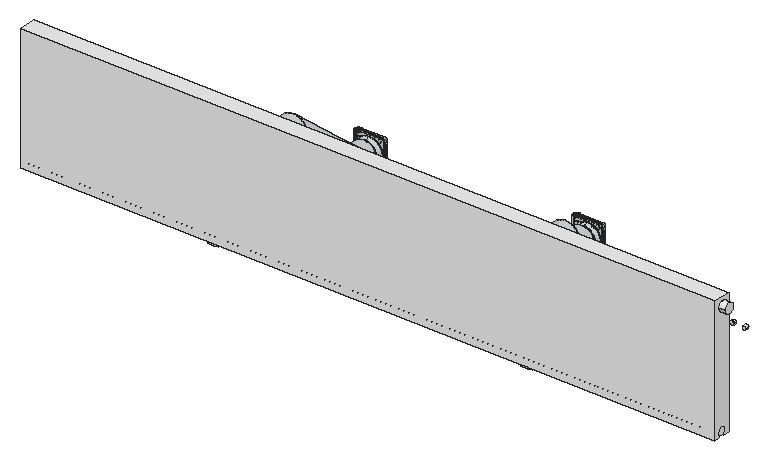
Revit family "57_CRD_ME_Climarad_2-0", category Mechanical Equipment, Revit 2020 (continued)
Definition of nested family "Square Grille"
  Forms (mm)
    Extrusion 3, solid, material <- "materiaal", detail levels fine
      sketch origin (0, 0, 0) x (0, 1, 0) y (0, 0, 1)
        loop
          arc (-9.609, -40.541) -> (-11.811, -41.943) -> (-13.574, -43.868) r 10
          line (-13.574, -43.868) -> (-12.755, -44.442)
          arc (-12.755, -44.442) -> (-11.168, -42.709) -> (-9.186, -41.447) r 9
          line (-9.186, -41.447) -> (-4.655, -39.334)
          arc (-4.655, -39.334) -> (-3.858, -38.667) -> (-3.5, -37.692) r 2.015
          line (-3.5, -37.692) -> (-3.5, -34.521) -> (-4.5, -34.521)
        loop
          line (-3.5, -53.079) -> (-3.5, -49.579) -> (-4.5, -49.579) -> (-4.5, -53.079) -> (-3.5, -53.079)
      from -53.079 to 53.079
    Extrusion 4, solid, material <- "materiaal", detail levels fine
      sketch origin (0, 0, 0) x (1, 0, 0) y (0, 0, 1)
        loop
          arc (-51.286, 58.331) -> (-56.267, 56.267) -> (-58.331, 51.286) r 7.045
          line (-58.331, 51.286) -> (-58.331, -51.302)
          arc (-58.331, -51.302) -> (-56.272, -56.272) -> (-51.302, -58.331) r 7.028
          line (-51.302, -58.331) -> (51.286, -58.331)
          arc (51.286, -58.331) -> (56.267, -56.267) -> (58.331, -51.286) r 7.044
          line (58.331, -51.286) -> (58.331, 51.292)
          arc (58.331, 51.292) -> (56.269, 56.269) -> (51.292, 58.331) r 7.039
          line (51.292, 58.331) -> (-51.286, 58.331)
        loop
          circle (0, 0) r 45
      from 0 to 1
    Extrusion 5, solid, material <- "materiaal", detail levels fine
      sketch origin (0, 0, 0) x (1, 0, 0) y (0, 0, 1)
        loop
          line (51.292, 58.331) -> (-51.286, 58.331)
          arc (-51.286, 58.331) -> (-56.267, 56.267) -> (-58.331, 51.286) r 7.045
          line (-58.331, 51.286) -> (-58.331, -51.302)
          arc (-58.331, -51.302) -> (-56.272, -56.272) -> (-51.302, -58.331) r 7.028
          line (-51.302, -58.331) -> (51.286, -58.331)
          arc (51.286, -58.331) -> (56.267, -56.267) -> (58.331, -51.286) r 7.044
          line (58.331, -51.286) -> (58.331, 51.292)
          arc (58.331, 51.292) -> (56.269, 56.269) -> (51.292, 58.331) r 7.039
        loop
          line (-56.331, 51.286) -> (-56.331, -51.302)
          arc (-56.331, -51.302) -> (-54.858, -54.858) -> (-51.302, -56.331) r 5.028
          line (-51.302, -56.331) -> (51.286, -56.331)
          arc (51.286, -56.331) -> (54.853, -54.853) -> (56.331, -51.286) r 5.044
          line (56.331, -51.286) -> (56.331, 51.292)
          arc (56.331, 51.292) -> (54.855, 54.855) -> (51.292, 56.331) r 5.039
          line (51.292, 56.331) -> (-51.286, 56.331)
          arc (-51.286, 56.331) -> (-54.853, 54.853) -> (-56.331, 51.286) r 5.045
      from 0 to 10
    Extrusion 6, void
      sketch origin (0, 0, 0) x (1, 0, 0) y (0, 0, 1)
        loop
          arc (-50.552, 47.697) -> (-50.552, 44.182) -> (-47.037, 44.182) r 2.486
          line (-47.037, 44.182) -> (-44.201, 47.018)
          arc (-44.201, 47.018) -> (-44.201, 50.534) -> (-47.716, 50.534) r 2.486
          line (-47.716, 50.534) -> (-50.552, 47.697)
        loop
          line (50.552, 47.697) -> (47.716, 50.534)
          arc (47.716, 50.534) -> (44.201, 50.534) -> (44.201, 47.018) r 2.486
          line (44.201, 47.018) -> (47.037, 44.182)
          arc (47.037, 44.182) -> (50.552, 44.182) -> (50.552, 47.697) r 2.486
        loop
          line (-50.552, -47.697) -> (-47.716, -50.534)
          arc (-47.716, -50.534) -> (-44.201, -50.534) -> (-44.201, -47.018) r 2.486
          line (-44.201, -47.018) -> (-47.037, -44.182)
          arc (-47.037, -44.182) -> (-50.552, -44.182) -> (-50.552, -47.697) r 2.486
        loop
          arc (50.552, -47.697) -> (50.552, -44.182) -> (47.037, -44.182) r 2.486
          line (47.037, -44.182) -> (44.201, -47.018)
          arc (44.201, -47.018) -> (44.201, -50.534) -> (47.716, -50.534) r 2.486
          line (47.716, -50.534) -> (50.552, -47.697)
      from 0 to 3.5
    Extrusion 7, solid, detail levels coarse+medium
      sketch origin (0, 0, 0) x (1, 0, 0) y (0, 0, 1)
        loop
          circle (0, 0) r 46.5
      from -40 to 0
    Extrusion 8, solid, detail levels coarse+medium
      sketch origin (0, 0, 0) x (1, 0, 0) y (0, 0, 1)
        loop
          line (-63.5, 63.5) -> (-63.5, -63.5) -> (63.5, -63.5) -> (63.5, 63.5) -> (-63.5, 63.5)
      from 0 to 14
  Cuts and joins
    Extrusion 6 cuts Revolve 1
    Extrusion 6 cuts Extrusion 4
    Extrusion 6 cuts Extrusion 5
    joined: Revolve 1, Extrusion 4, Extrusion 5
    Extrusion 6 cuts Extrusion 3
  Dimensions and locks
    plane 1 "Center (Front/Back)" to Extrusion 7 = 40 mm
    Extrusion 8 sketch curve to plane 3 "Center (Left/Right)" to Extrusion 8 sketch curve = 63.5 mm, 63.5 mm
    Extrusion 8 sketch curve to plane 2 to Extrusion 8 sketch curve = 63.5 mm, 63.5 mm
    Extrusion 8 to plane 1 "Center (Front/Back)" = 14 mm
    diameter of Extrusion 7 sketch curve = 93 mm
    aligned and locked: level to plane 2
    aligned and locked: Sweep 2 sketch curve to plane 1 "Center (Front/Back)"
    aligned and locked: Sweep 2 sketch curve to profile plane
    aligned and locked: Extrusion 4 to plane 1 "Center (Front/Back)"
    aligned and locked: plane 1 "Center (Front/Back)" to Extrusion 7
    aligned and locked: Extrusion 8 to plane 1 "Center (Front/Back)"
Definition of nested family "57_CRD_ME_kap_climarad_2-0"
  Parameters (values of type "diepte 102 mm")
    materiaal [instance] = none
    lengte [instance] = 2600 mm
    knop_rechts [instance] = yes
    knop_links [instance] = yes
    hoogte [instance] = 679.861 mm
    dikte = 15 mm
    diepte_ring = 6 mm
    diepte_knop = 26 mm
    diepte = 102 mm
    Default Elevation = 1219.2 mm
  Types (2, lengths in mm): name | diepte
    diepte 102 mm | 102
    diepte 70 mm | 70
  Reference planes
    plane 1 "Center (Front/Back)": y = 0
    plane 2: z = 0
    plane 3 "Center (Left/Right)": x = 0
    plane 4 "links": x = -1300
    plane 5 "rechts": x = 1300
    plane 6: y = 102
    plane 7: x = -1285
    plane 8: x = 1285
    plane 9: y = 15
    plane 10 "bovenkant": z = 679.861
    plane 11: z = 664.861
    plane 12: y = 87
    plane 13: y = 51
    plane 14: x = -1306
    plane 15: x = -1332
    plane 16: x = 1306
    plane 17: x = 1332
    plane 18 "Center L/S": z = 649.361
  Forms (mm)
    Extrusion 1, solid, material <- "materiaal"
      sketch origin (0, 0, 0) x (1, 0, 0) y (0, 1, 0)
        loop
          line (-1300, 102) -> (-1300, 0) -> (1300, 0) -> (1300, 102) -> (-1300, 102)
      from 0 to 679.861 <- "hoogte"
    Sweep 2, void
      path origin (0, 0, 0) x (1, 0, 0) y (0, 1, 0)
        loop
          line (1300, 0) -> (-1300, 0)
      profile origin (0, 0, 0) x (0, -1, 0) y (0, 0, 1)
        loop
          arc (-19.5, 19.5) -> (-34, 34) -> (-48.5, 19.5) r 14.5
          line (-48.5, 19.5) -> (-48.5, 0) -> (-19.5, 0) -> (-19.5, 19.5)
    Sweep 3, solid, material <- "materiaal"
      path origin (0, 0, 0) x (1, 0, 0) y (0, 1, 0)
        loop
          line (1300, 0) -> (-1300, 0)
      profile origin (0, 0, 0) x (0, -1, 0) y (0, 0, 1)
        loop
          circle (-34, 19.5) r 14.5
    Extrusion 4, solid, material <- "materiaal", visible <- "knop_rechts"
      sketch origin (1300, 0, 0) x (0, 1, 0) y (0, 0, 1)
        loop
          circle (51, 649.361) r 16
      from 0 to 6
    Extrusion 5, solid, material <- "materiaal", visible <- "knop_links"
      sketch origin (-1300, 0, 0) x (0, 1, 0) y (0, 0, 1)
        loop
          circle (51, 649.361) r 16
      from 0 to -6
    Extrusion 6, solid, material <- "materiaal", visible <- "knop_links"
      sketch origin (-1300, 0, 0) x (0, 1, 0) y (0, 0, 1)
        loop
          circle (51, 649.361) r 19
      from -32 to -6
    Extrusion 7, solid, material <- "materiaal", visible <- "knop_rechts"
      sketch origin (1300, 0, 0) x (0, 1, 0) y (0, 0, 1)
        loop
          circle (51, 649.361) r 19
      from 6 to 32
  Cuts and joins
    Sweep 2 cuts Extrusion 1
  Dimensions and locks
    equal spacing: plane 4 "links", plane 3 "Center (Left/Right)", plane 5 "rechts"
    "lengte": plane 4 "links" to plane 5 "rechts"
    "diepte": plane 6 to plane 1 "Center (Front/Back)"
    "dikte": plane 4 "links" to plane 7
    "dikte": plane 8 to plane 5 "rechts"
    "dikte": plane 9 to plane 1 "Center (Front/Back)"
    "dikte": plane 10 "bovenkant" to plane 11
    "hoogte": plane 10 "bovenkant" to plane 2
    "dikte": plane 6 to plane 12
    equal spacing: plane 1 "Center (Front/Back)", plane 13, plane 6
    "diepte_ring": plane 16 to plane 5 "rechts"
    "diepte_knop": plane 17 to plane 16
    "diepte_ring": plane 4 "links" to plane 14
    "diepte_knop": plane 14 to plane 15
    locked: plane 10 "bovenkant" to plane 18 "Center L/S" at 30.5
    aligned and locked: level to plane 2
    aligned and locked: Extrusion 1 sketch curve to plane 6
    aligned and locked: plane 4 "links" to Extrusion 1 sketch curve
    aligned and locked: Extrusion 1 sketch curve to plane 5 "rechts"
    aligned and locked: Extrusion 1 sketch curve to plane 1 "Center (Front/Back)"
    aligned and locked: Sweep 2 sketch curve to plane 1 "Center (Front/Back)"
    aligned and locked: plane 5 "rechts" to Sweep 2 sketch curve
    aligned and locked: plane 4 "links" to Sweep 2 sketch curve
    aligned and locked: Sweep 3 sketch curve to plane 1 "Center (Front/Back)"
    aligned and locked: plane 4 "links" to Sweep 3 sketch curve
    aligned and locked: plane 5 "rechts" to Sweep 3 sketch curve
    aligned and locked: plane 16 to Extrusion 4
    aligned and locked: Extrusion 5 to plane 14
    aligned and locked: plane 17 to Extrusion 7
    aligned and locked: Extrusion 7 to plane 16
    aligned and locked: Extrusion 6 to plane 15
    aligned and locked: plane 14 to Extrusion 6
  Automatic sketch dimensions
    Sweep 2 sketch curve to level = 0 mm
    profile plane to Sweep 2 sketch curve = 48.5 mm
    level to Sweep 2 sketch curve = 19.5 mm
    Sweep 2 sketch curve to Sweep 2 sketch curve = 14.5 mm
    profile plane to Sweep 3 sketch curve = 34 mm
    level to Sweep 3 sketch curve = 19.5 mm
    Extrusion 4 sketch curve to plane 13 = 0 mm
    Extrusion 4 sketch curve to plane 18 "Center L/S" = 0 mm
    Extrusion 5 sketch curve to plane 13 = 0 mm
    Extrusion 5 sketch curve to plane 18 "Center L/S" = 0 mm
    Extrusion 6 sketch curve to plane 13 = 0 mm
    Extrusion 6 sketch curve to plane 18 "Center L/S" = 0 mm
    Extrusion 7 sketch curve to plane 13 = 0 mm
    Extrusion 7 sketch curve to plane 18 "Center L/S" = 0 mm
    radius of Sweep 3 sketch curve = 14.5 mm
    radius of Extrusion 4 sketch curve = 16 mm
    radius of Extrusion 5 sketch curve = 16 mm
    radius of Extrusion 6 sketch curve = 19 mm
    radius of Extrusion 7 sketch curve = 19 mm
Types (15, lengths in mm): name | type_kap | hoogte_kast | lengte_kast | diepte | cv_aanvoer
  (no name) | 57_CRD_ME_kap_climarad_2-0 : diepte 70 mm | 504 | 2800 | 211 | 1310
  21s-400 - lengte 2800mm | 57_CRD_ME_kap_climarad_2-0 : diepte 70 mm | 404 | 2800 | 211 | 1310
  21s-400 - lengte 2400mm | 57_CRD_ME_kap_climarad_2-0 : diepte 70 mm | 404 | 2400 | 211 | 1110
  21s-400 - lengte 2200mm | 57_CRD_ME_kap_climarad_2-0 : diepte 70 mm | 404 | 2200 | 211 | 1010
  21s-400 - lengte 1800mm | 57_CRD_ME_kap_climarad_2-0 : diepte 70 mm | 404 | 1800 | 211 | 810
  21s-400 - lengte 1500mm | 57_CRD_ME_kap_climarad_2-0 : diepte 70 mm | 404 | 1800 | 211 | 660
  21s-500 - lengte 2800mm | 57_CRD_ME_kap_climarad_2-0 : diepte 70 mm | 504 | 2800 | 211 | 1310
  21s-500 - lengte 2400mm | 57_CRD_ME_kap_climarad_2-0 : diepte 70 mm | 504 | 2400 | 211 | 1110
  21s-500 - lengte 2200mm | 57_CRD_ME_kap_climarad_2-0 : diepte 70 mm | 504 | 2200 | 211 | 1010
  21s-500 - lengte 1800mm | 57_CRD_ME_kap_climarad_2-0 : diepte 70 mm | 504 | 1800 | 211 | 810
  21s-500 - lengte 1500mm | 57_CRD_ME_kap_climarad_2-0 : diepte 70 mm | 504 | 1500 | 211 | 660
  22s-400 - lengte 2400mm | 57_CRD_ME_kap_climarad_2-0 : diepte 102 mm | 404 | 2400 | 243 | 1110
  22s-400 - lengte 2200mm | 57_CRD_ME_kap_climarad_2-0 : diepte 102 mm | 404 | 2200 | 243 | 1010
  22s-500 - lengte 2400mm | 57_CRD_ME_kap_climarad_2-0 : diepte 102 mm | 504 | 2400 | 243 | 1110
  22s-500 - lengte 2200mm | 57_CRD_ME_kap_climarad_2-0 : diepte 102 mm | 504 | 2200 | 243 | 1010
